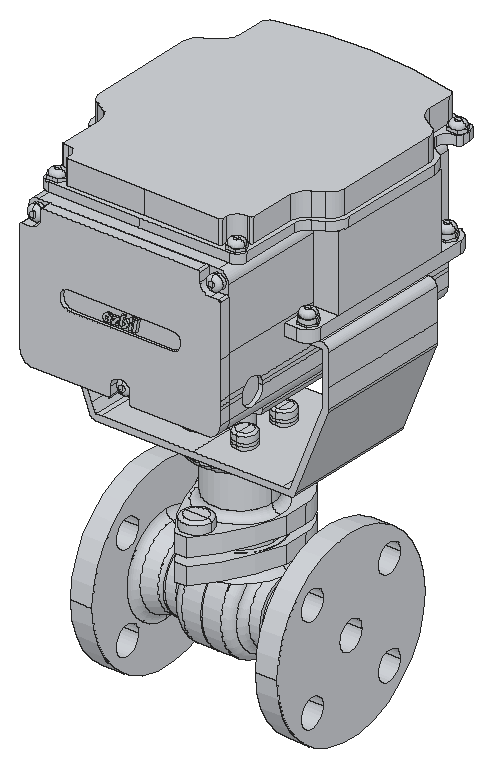
Revit family "電動二方弁_ver2021(ロゴあり)", category 電気設備, Revit 2021
Family settings
  丸型コネクタ寸法 = 直径を使用
  パーツ タイプ = 他のパネル
  OmniClass 番号 = 23.80.30.11.17
  OmniClass タイトル = Distribution Boards and Control Panels
  作業面ベース = いいえ
  常に垂直 = はい
  ロード時にボイドで切り取り = いいえ
  共有 = いいえ
  部屋計算ポイント = いいえ
Parameters
  配線φ(左側) [instance] = 14.031 mm
  配線φ(右側) [instance] = 14.031 mm
  配管φ [instance] = 95 mm
  配管2φ [instance] = 95 mm
  既定の高さ = 0 mm
  IfcObjectType = ""
  IfcName = ""
  IfcLongName = ""
  IfcExportType = ""
  IfcExportAs = ""
  IfcDescription = ""
Reference planes
  plane 1 "中心(正面/背面)": y = 0
  plane 2: z = 0
  plane 3 "中心(左/右)": x = 0
Forms (mm)
  Extrusion 1, solid
    sketch origin (0, 0, -77.064) x (0, 1, 0) y (0, 0, 1)
      loop
        circle (0, 124.5) r 47.5
    from 45.882 to 56.882
  Extrusion 2, void
    sketch origin (0, 0, -77) x (0, 1, 0) y (0, 0, 1)
      loop
        circle (-24.749, 149.249) r 7.5
    from 45.882 to 56.882
  Extrusion 3, void
    sketch origin (0, 49.497, -77) x (0, 1, 0) y (0, 0, 1)
      loop
        circle (-24.749, 149.249) r 7.5
    from 45.882 to 56.882
  Extrusion 4, void
    sketch origin (0, 0, -126.498) x (0, 1, 0) y (0, 0, 1)
      loop
        circle (-24.749, 149.249) r 7.5
    from 45.882 to 56.882
  Extrusion 5, void
    sketch origin (0, 49.497, -126.498) x (0, 1, 0) y (0, 0, 1)
      loop
        circle (-24.749, 149.249) r 7.5
    from 45.882 to 56.882
  Extrusion 6, void
    sketch origin (0, 24.749, -101.749) x (0, 1, 0) y (0, 0, 1)
      loop
        circle (-24.749, 149.249) r 7.5
    from 45.882 to 56.882
  Extrusion 7, solid
    sketch origin (-95, 0, -77.064) x (0, 1, 0) y (0, 0, 1)
      loop
        circle (0, 124.5) r 47.5
    from 45.882 to 56.882
  Extrusion 8, void
    sketch origin (-95, 0, -77) x (0, 1, 0) y (0, 0, 1)
      loop
        circle (-24.749, 149.249) r 7.5
    from 45.882 to 56.882
  Extrusion 9, solid
    sketch origin (0.118, 0, 0) x (1, 0, 0) y (0, 0, 1)
      loop
        line (-51.618, 196.3) -> (-51.618, 199.5) -> (-66.618, 199.5)
        arc (-66.618, 199.5) -> (-69.235, 198.416) -> (-70.318, 195.8) r 3.7
        line (-70.318, 195.8) -> (-70.318, 179.5) -> (-70.318, 169.594)
        arc (-70.318, 169.594) -> (-70.255, 168.913) -> (-70.068, 168.255) r 3.7
        line (-70.068, 168.255) -> (-53.226, 124.861)
        arc (-53.226, 124.861) -> (-51.866, 123.147) -> (-49.776, 122.5) r 3.7
        line (-49.776, 122.5) -> (49.539, 122.5)
        arc (49.539, 122.5) -> (51.629, 123.147) -> (52.989, 124.861) r 3.7
        line (52.989, 124.861) -> (69.831, 168.255)
        arc (69.831, 168.255) -> (70.018, 168.913) -> (70.082, 169.594) r 3.7
        line (70.082, 169.594) -> (70.082, 179.5) -> (70.082, 195.8)
        arc (70.082, 195.8) -> (68.998, 198.416) -> (66.382, 199.5) r 3.7
        line (66.382, 199.5) -> (51.182, 199.5) -> (51.182, 196.3) -> (66.382, 196.3)
        arc (66.382, 196.3) -> (66.735, 196.154) -> (66.882, 195.8) r 0.5
        line (66.882, 195.8) -> (66.882, 169.5) -> (64.355, 162.99) -> (49.882, 125.7) -> (46.449, 125.7) -> (-0.118, 125.7) -> (-46.686, 125.7) -> (-50.118, 125.7) -> (-51.928, 130.361) -> (-64.592, 162.99) -> (-67.118, 169.5) -> (-67.118, 195.8)
        arc (-67.118, 195.8) -> (-66.972, 196.154) -> (-66.618, 196.3) r 0.5
        line (-66.618, 196.3) -> (-51.618, 196.3)
    from -38.424 to 30.5
  Extrusion 10, solid
    sketch origin (0, -461.789, 0) x (1, 0, 0) y (0, 1, 0)
      loop
        arc (0, 545.194) -> (-22.618, 543.895) -> (-44.938, 540.014) r 197.5
        arc (-44.938, 540.014) -> (-47.717, 538.253) -> (-48.8, 535.145) r 5
        line (-48.8, 535.145) -> (-48.8, 522.279)
        arc (-48.8, 522.279) -> (-50.006, 517.779) -> (-53.3, 514.485) r 9
        line (-53.3, 514.485) -> (-58.8, 511.309)
        arc (-58.8, 511.309) -> (-61.728, 508.381) -> (-62.8, 504.381) r 8
        line (-62.8, 504.381) -> (-62.8, 450.408)
        arc (-62.8, 450.408) -> (-61.728, 446.408) -> (-58.8, 443.479) r 8
        line (-58.8, 443.479) -> (-53.3, 440.304)
        arc (-53.3, 440.304) -> (-50.006, 437.01) -> (-48.8, 432.51) r 9
        line (-48.8, 432.51) -> (-48.8, 409.394)
        arc (-48.8, 409.394) -> (-48.507, 408.687) -> (-47.8, 408.394) r 1
        line (-47.8, 408.394) -> (-46, 408.394)
        arc (-46, 408.394) -> (-41.757, 406.637) -> (-40, 402.394) r 6
        line (-40, 402.394) -> (-40, 400.594)
        arc (-40, 400.594) -> (-39.707, 399.887) -> (-39, 399.594) r 1
        line (-39, 399.594) -> (0, 399.594) -> (39, 399.594)
        arc (39, 399.594) -> (39.707, 399.887) -> (40, 400.594) r 1
        line (40, 400.594) -> (40, 402.394)
        arc (40, 402.394) -> (41.757, 406.637) -> (46, 408.394) r 6
        line (46, 408.394) -> (47.8, 408.394)
        arc (47.8, 408.394) -> (48.507, 408.687) -> (48.8, 409.394) r 1
        line (48.8, 409.394) -> (48.8, 432.51)
        arc (48.8, 432.51) -> (50.006, 437.01) -> (53.3, 440.304) r 9
        line (53.3, 440.304) -> (58.8, 443.479)
        arc (58.8, 443.479) -> (61.728, 446.408) -> (62.8, 450.408) r 8
        line (62.8, 450.408) -> (62.8, 504.381)
        arc (62.8, 504.381) -> (61.728, 508.381) -> (58.8, 511.309) r 8
        line (58.8, 511.309) -> (53.3, 514.485)
        arc (53.3, 514.485) -> (50.006, 517.779) -> (48.8, 522.279) r 9
        line (48.8, 522.279) -> (48.8, 535.145)
        arc (48.8, 535.145) -> (47.717, 538.253) -> (44.938, 540.014) r 5
        arc (44.938, 540.014) -> (22.618, 543.895) -> (0, 545.194) r 197.5
    from 248.5 to 260.5
  Extrusion 11, solid
    sketch origin (0, -461.789, 0) x (1, 0, 0) y (0, 1, 0)
      loop
        arc (0, 547.894) -> (-28.126, 545.907) -> (-55.692, 539.984) r 200
        arc (-55.692, 539.984) -> (-58.298, 538.185) -> (-59.3, 535.182) r 5
        line (-59.3, 535.182) -> (-59.3, 531.092)
        arc (-59.3, 531.092) -> (-58.732, 529.695) -> (-57.35, 529.092) r 2
        arc (-57.35, 529.092) -> (-53.205, 527.284) -> (-51.5, 523.094) r 6
        line (-51.5, 523.094) -> (-51.5, 522.106)
        arc (-51.5, 522.106) -> (-52.304, 519.106) -> (-54.5, 516.909) r 6
        line (-54.5, 516.909) -> (-60.5, 513.445)
        arc (-60.5, 513.445) -> (-64.16, 509.785) -> (-65.5, 504.785) r 10
        line (-65.5, 504.785) -> (-65.5, 450.003)
        arc (-65.5, 450.003) -> (-64.16, 445.003) -> (-60.5, 441.343) r 10
        line (-60.5, 441.343) -> (-55, 438.168)
        arc (-55, 438.168) -> (-52.438, 435.606) -> (-51.5, 432.106) r 7
        line (-51.5, 432.106) -> (-51.5, 401.894)
        arc (-51.5, 401.894) -> (-50.036, 398.359) -> (-46.5, 396.894) r 5
        line (-46.5, 396.894) -> (0, 396.894) -> (46.5, 396.894)
        arc (46.5, 396.894) -> (50.036, 398.359) -> (51.5, 401.894) r 5
        line (51.5, 401.894) -> (51.5, 432.106)
        arc (51.5, 432.106) -> (52.438, 435.606) -> (55, 438.168) r 7
        line (55, 438.168) -> (60.5, 441.343)
        arc (60.5, 441.343) -> (64.16, 445.003) -> (65.5, 450.003) r 10
        line (65.5, 450.003) -> (65.5, 504.785)
        arc (65.5, 504.785) -> (64.16, 509.785) -> (60.5, 513.445) r 10
        line (60.5, 513.445) -> (54.5, 516.909)
        arc (54.5, 516.909) -> (52.304, 519.106) -> (51.5, 522.106) r 6
        line (51.5, 522.106) -> (51.5, 523.094)
        arc (51.5, 523.094) -> (53.205, 527.284) -> (57.35, 529.092) r 6
        arc (57.35, 529.092) -> (58.732, 529.695) -> (59.3, 531.092) r 2
        line (59.3, 531.092) -> (59.3, 535.182)
        arc (59.3, 535.182) -> (58.298, 538.185) -> (55.692, 539.984) r 5
        arc (55.692, 539.984) -> (28.126, 545.907) -> (0, 547.894) r 200
    from 244 to 248.5
  Extrusion 12, solid
    sketch origin (0, -461.789, 0) x (1, 0, 0) y (0, 1, 0)
      loop
        circle (-58, 432.394) r 4.25
    from 206.5 to 208.5
  Extrusion 13, solid
    sketch origin (0, -461.789, 0) x (1, 0, 0) y (0, 1, 0)
      loop
        line (-60.454, 436.644) -> (-62.907, 432.394) -> (-60.454, 428.144) -> (-55.546, 428.144) -> (-53.093, 432.394) -> (-55.546, 436.644) -> (-58, 436.644) -> (-60.454, 436.644)
    from 205.5 to 206.5
  Revolve 14, solid, detail levels fine
    sketch origin (91.963, -59.403, 0) x (1, 0, 0) y (0, 0, 1)
      loop
        arc (-47.868, 252.7) -> (-49.481, 251.883) -> (-49.776, 250.1) r 2
        line (-49.776, 250.1) -> (-46.118, 250.1) -> (-46.118, 252.7) -> (-47.868, 252.7)
      axis (-46.118, 252.7) -> (-46.118, 250.1)
    angle from 0 to 360
  Revolve 15, solid
    sketch origin (-0.037, -59.403, 0) x (1, 0, 0) y (0, 0, 1)
      loop
        arc (-47.868, 252.7) -> (-49.481, 251.883) -> (-49.776, 250.1) r 2
        line (-49.776, 250.1) -> (-46.118, 250.1) -> (-46.118, 252.7) -> (-47.868, 252.7)
      axis (-46.118, 252.7) -> (-46.118, 250.1)
    angle from 0 to 360
  Extrusion 16, solid
    sketch origin (0.118, -20, 0) x (1, 0, 0) y (0, 0, 1)
      loop
        line (-46.13, 233.5) -> (-50.618, 233.5)
        arc (-50.618, 233.5) -> (-51.326, 233.207) -> (-51.618, 232.5) r 1
        line (-51.618, 232.5) -> (-51.618, 206.5) -> (-51.618, 187.2) -> (-51.618, 184.874) -> (-51.618, 182.778) -> (-51.618, 176)
        arc (-51.618, 176) -> (-49.568, 171.05) -> (-44.618, 169) r 7
        line (-44.618, 169) -> (-6.118, 169)
        arc (-6.118, 169) -> (-5.411, 169.293) -> (-5.118, 170) r 1
        line (-5.118, 170) -> (-5.118, 174.5)
        arc (-5.118, 174.5) -> (-3.654, 178.036) -> (-0.118, 179.5) r 5
        arc (-0.118, 179.5) -> (3.417, 178.036) -> (4.882, 174.5) r 5
        line (4.882, 174.5) -> (4.882, 170)
        arc (4.882, 170) -> (5.174, 169.293) -> (5.882, 169) r 1
        line (5.882, 169) -> (44.382, 169)
        arc (44.382, 169) -> (49.331, 171.05) -> (51.382, 176) r 7
        line (51.382, 176) -> (51.382, 182.778) -> (51.382, 184.874) -> (51.382, 187.2) -> (51.382, 206.5) -> (51.382, 232.5)
        arc (51.382, 232.5) -> (51.089, 233.207) -> (50.382, 233.5) r 1
        line (50.382, 233.5) -> (45.893, 233.5)
        arc (45.893, 233.5) -> (42.358, 234.965) -> (40.893, 238.5) r 5
        line (40.893, 238.5) -> (40.893, 243)
        arc (40.893, 243) -> (40.601, 243.707) -> (39.893, 244) r 1
        line (39.893, 244) -> (-40.13, 244)
        arc (-40.13, 244) -> (-40.838, 243.707) -> (-41.13, 243) r 1
        line (-41.13, 243) -> (-41.13, 238.5)
        arc (-41.13, 238.5) -> (-42.595, 234.965) -> (-46.13, 233.5) r 5
    from 51.5 to 57
  Extrusion 17, solid
    sketch origin (0, 0, 0) x (1, 0, 0) y (0, 0, 1)
      loop
        line (-13.607, 161) -> (-13.607, 139.5) -> (-0.118, 139.5) -> (13.607, 139.5) -> (13.607, 161) -> (-0.118, 161) -> (-13.607, 161)
    from -13.607 to 13.607
  Revolve 18, solid
    sketch origin (0, 0, 0) x (0, 1, 0) y (0, 0, 1)
      loop
        line (-6, 137.956) -> (-6.5, 137.09) -> (-6.5, 125.7) -> (0, 125.7) -> (0, 137.956) -> (-6, 137.956)
      axis (0, 137.956) -> (0, 125.7)
    angle from 0 to 360
  Revolve 19, solid
    sketch origin (-12.5, 0, 0) x (0, 1, 0) y (0, 0, 1)
      loop
        arc (-16.752, 132.9) -> (-17.541, 132.594) -> (-18.025, 131.9) r 1.452
        line (-18.025, 131.9) -> (-18.025, 128.9) -> (-12.5, 128.9) -> (-12.5, 132.9) -> (-16.752, 132.9)
      axis (-12.5, 132.9) -> (-12.5, 128.9)
    angle from 0 to 360
  Extrusion 20, solid, detail levels fine
    sketch origin (103.688, -491.798, 0) x (1, 0, 0) y (0, 1, 0)
      loop
        line (-60.731, 436.165) -> (-62.907, 432.394) -> (-60.775, 428.7) -> (-55.225, 428.7) -> (-53.093, 432.394) -> (-55.269, 436.165) -> (-58, 436.165) -> (-60.731, 436.165)
    from 248.5 to 250.1
  Extrusion 21, solid
    sketch origin (11.688, -491.798, 0) x (1, 0, 0) y (0, 1, 0)
      loop
        line (-60.731, 436.165) -> (-62.907, 432.394) -> (-60.775, 428.7) -> (-55.225, 428.7) -> (-53.093, 432.394) -> (-55.269, 436.165) -> (-58, 436.165) -> (-60.731, 436.165)
    from 248.5 to 250.1
  Extrusion 22, solid
    sketch origin (0, 0, 0) x (1, 0, 0) y (0, 0, 1)
      loop
        arc (51.382, 238.7) -> (49.829, 242.448) -> (46.082, 244) r 5.3
        line (46.082, 244) -> (-46.318, 244)
        arc (-46.318, 244) -> (-50.066, 242.448) -> (-51.618, 238.7) r 5.3
        line (-51.618, 238.7) -> (-51.618, 206.5) -> (-51.618, 187.2) -> (-51.618, 184.874) -> (-51.618, 182.778) -> (-51.618, 176)
        arc (-51.618, 176) -> (-49.568, 171.05) -> (-44.618, 169) r 7
        line (-44.618, 169) -> (-0.118, 169) -> (44.382, 169)
        arc (44.382, 169) -> (49.331, 171.05) -> (51.382, 176) r 7
        line (51.382, 176) -> (51.382, 182.778) -> (51.382, 184.874) -> (51.382, 187.2) -> (51.382, 206.5) -> (51.382, 238.7)
    from -69.008 to 71.5
  Extrusion 23, solid, detail levels medium+fine
    sketch origin (0, 0, 0) x (1, 0, 0) y (0, 0, 1)
      loop
        arc (-56.98, 162.726) -> (-58.567, 164.386) -> (-60.863, 164.437) r 3
        line (-60.863, 164.437) -> (-64.592, 162.99) -> (-51.928, 130.361) -> (-48.199, 131.809)
        arc (-48.199, 131.809) -> (-46.539, 133.395) -> (-46.487, 135.691) r 3
        line (-46.487, 135.691) -> (-56.98, 162.726)
    from -4.258 to 4.152
  Revolve 24, solid
    sketch origin (0, 0, 0) x (1, 0, 0) y (0, 0, 1)
      loop
        line (-27.754, 65.728) -> (-34.829, 68.303)
        arc (-34.829, 68.303) -> (-37.214, 70.133) -> (-38.118, 73.001) r 5
        line (-38.118, 73.001) -> (-38.118, 47.5) -> (-24.643, 47.5) -> (-24.643, 65.897)
        arc (-24.643, 65.897) -> (-26.18, 65.505) -> (-27.754, 65.728) r 4
      axis (-38.118, 47.5) -> (-24.643, 47.5)
    angle from 0 to 360
  Revolve 25, solid
    sketch origin (0, 0, 0) x (1, 0, 0) y (0, 0, 1)
      loop
        line (45.882, 47.5) -> (24.643, 47.5) -> (24.643, 30.5) -> (31.652, 30.5) -> (38.006, 30.5)
        arc (38.006, 30.5) -> (40.717, 30.126) -> (43.224, 29.03) r 10
        arc (43.224, 29.03) -> (45.166, 27.191) -> (45.882, 24.613) r 5
        line (45.882, 24.613) -> (45.882, 47.5)
      axis (24.643, 47.5) -> (45.882, 47.5)
    angle from 0 to 360
  Revolve 26, solid
    sketch origin (0, 0, 0) x (1, 0, 0) y (0, 0, 1)
      loop
        line (-24.643, 47.5) -> (-24.643, 29.5) -> (-18.893, 29.5)
        arc (-18.893, 29.5) -> (-16.399, 28.627) -> (-14.994, 26.389) r 4
        arc (-14.994, 26.389) -> (-13.237, 23.591) -> (-10.118, 22.5) r 5
        line (-10.118, 22.5) -> (0, 22.5) -> (0, 47.5) -> (-24.643, 47.5)
      axis (0, 47.5) -> (-24.643, 47.5)
    angle from 0 to 360
  Revolve 27, solid
    sketch origin (0, 0, 0) x (-1, 0, 0) y (0, 0, 1)
      loop
        line (-24.643, 47.5) -> (-24.643, 29.5) -> (-18.893, 29.5)
        arc (-18.893, 29.5) -> (-16.399, 28.627) -> (-14.994, 26.389) r 4
        arc (-14.994, 26.389) -> (-13.237, 23.591) -> (-10.118, 22.5) r 5
        line (-10.118, 22.5) -> (0, 22.5) -> (0, 47.5) -> (-24.643, 47.5)
      axis (0, 47.5) -> (-24.643, 47.5)
    angle from 0 to 360
  Revolve 28, solid
    sketch origin (-12.5, 0, 0) x (0, 1, 0) y (0, 0, 1)
      loop
        line (-18.025, 128.9) -> (-18.025, 127.3) -> (-18.025, 125.7) -> (-12.5, 125.7) -> (-12.5, 128.9) -> (-18.025, 128.9)
      axis (-12.5, 128.9) -> (-12.5, 125.7)
    angle from 0 to 360
  Revolve 29, solid
    sketch origin (-12.5, 25, 0) x (0, 1, 0) y (0, 0, 1)
      loop
        arc (-16.752, 132.9) -> (-17.541, 132.594) -> (-18.025, 131.9) r 1.452
        line (-18.025, 131.9) -> (-18.025, 128.9) -> (-12.5, 128.9) -> (-12.5, 132.9) -> (-16.752, 132.9)
      axis (-12.5, 132.9) -> (-12.5, 128.9)
    angle from 0 to 360
  Revolve 30, solid
    sketch origin (-12.5, 25, 0) x (0, 1, 0) y (0, 0, 1)
      loop
        line (-18.025, 128.9) -> (-18.025, 127.3) -> (-18.025, 125.7) -> (-12.5, 125.7) -> (-12.5, 128.9) -> (-18.025, 128.9)
      axis (-12.5, 128.9) -> (-12.5, 125.7)
    angle from 0 to 360
  Revolve 31, solid
    sketch origin (12.5, 0, 0) x (0, 1, 0) y (0, 0, 1)
      loop
        arc (-16.752, 132.9) -> (-17.541, 132.594) -> (-18.025, 131.9) r 1.452
        line (-18.025, 131.9) -> (-18.025, 128.9) -> (-12.5, 128.9) -> (-12.5, 132.9) -> (-16.752, 132.9)
      axis (-12.5, 132.9) -> (-12.5, 128.9)
    angle from 0 to 360
  Revolve 32, solid
    sketch origin (12.5, 0, 0) x (0, 1, 0) y (0, 0, 1)
      loop
        line (-18.025, 128.9) -> (-18.025, 127.3) -> (-18.025, 125.7) -> (-12.5, 125.7) -> (-12.5, 128.9) -> (-18.025, 128.9)
      axis (-12.5, 128.9) -> (-12.5, 125.7)
    angle from 0 to 360
  Revolve 33, solid
    sketch origin (12.5, 25, 0) x (0, 1, 0) y (0, 0, 1)
      loop
        arc (-16.752, 132.9) -> (-17.541, 132.594) -> (-18.025, 131.9) r 1.452
        line (-18.025, 131.9) -> (-18.025, 128.9) -> (-12.5, 128.9) -> (-12.5, 132.9) -> (-16.752, 132.9)
      axis (-12.5, 132.9) -> (-12.5, 128.9)
    angle from 0 to 360
  Revolve 34, solid
    sketch origin (12.5, 25, 0) x (0, 1, 0) y (0, 0, 1)
      loop
        line (-18.025, 128.9) -> (-18.025, 127.3) -> (-18.025, 125.7) -> (-12.5, 125.7) -> (-12.5, 128.9) -> (-18.025, 128.9)
      axis (-12.5, 128.9) -> (-12.5, 125.7)
    angle from 0 to 360
  Revolve 35, solid
    sketch origin (0, 0, 0) x (1, 0, 0) y (0, 0, 1)
      loop
        line (-4.75, 139.5) -> (-4.75, 137.956) -> (0, 137.956) -> (0, 139.5) -> (-4.75, 139.5)
      axis (0, 139.5) -> (0, 137.956)
    angle from 0 to 360
  Revolve 36, solid
    sketch origin (0, 0, 0) x (1, 0, 0) y (0, 0, 1)
      loop
        line (0, 77) -> (-20, 77) -> (-20, 73.103)
        arc (-20, 73.103) -> (-21.527, 68.402) -> (-25.524, 65.495) r 8
        line (-25.524, 65.495) -> (-18.847, 65.495)
        arc (-18.847, 65.495) -> (-16.351, 66.373) -> (-14.953, 68.62) r 3.988
        arc (-14.953, 68.62) -> (-13.31, 71.404) -> (-10.268, 72.5) r 4.769
        line (-10.268, 72.5) -> (0, 72.5) -> (0, 77)
      axis (0, 77) -> (0, 65.495)
    angle from 0 to 360
  Extrusion 37, solid
    sketch origin (0, 0, 0) x (1, 0, 0) y (0, 0, 1)
      loop
        line (-47, 169.152) -> (-47, 167.5)
        arc (-47, 167.5) -> (-46.121, 165.379) -> (-44, 164.5) r 3
        line (-44, 164.5) -> (44, 164.5)
        arc (44, 164.5) -> (46.121, 165.379) -> (47, 167.5) r 3
        line (47, 167.5) -> (47, 169.462)
        arc (47, 169.462) -> (45.784, 169.119) -> (44.525, 169) r 7
        line (44.525, 169) -> (-42.442, 169)
        arc (-42.442, 169) -> (-44.734, 168.695) -> (-47, 169.152) r 7
    from -44 to 44
  Revolve 38, solid
    sketch origin (0, -28, 0) x (1, 0, 0) y (0, 0, 1)
      loop
        line (0, 95.717) -> (-5.688, 95.717)
        arc (-5.688, 95.717) -> (-6.779, 95.427) -> (-7.583, 94.633) r 2.201
        line (-7.583, 94.633) -> (-7.583, 90.3) -> (0, 90.3) -> (0, 95.717)
      axis (0, 95.717) -> (0, 90.3)
    angle from 0 to 360
  Revolve 39, solid
    sketch origin (0, 0, 0) x (1, 0, 0) y (0, 0, 1)
      loop
        arc (-18.5, 115.3) -> (-17.086, 114.714) -> (-16.5, 113.3) r 2
        line (-16.5, 113.3) -> (-16.5, 94.3)
        arc (-16.5, 94.3) -> (-17.672, 91.472) -> (-20.5, 90.3) r 4
        line (-20.5, 90.3) -> (0, 90.3) -> (0, 115.3) -> (-18.5, 115.3)
      axis (0, 90.3) -> (0, 115.3)
    angle from 0 to 360
  Revolve 40, solid, detail levels fine
    sketch origin (0, 0, 0) x (1, 0, 0) y (0, 0, 1)
      loop
        line (-4, 81.3) -> (-4, 77) -> (0, 77) -> (0, 81.3) -> (-4, 81.3)
      axis (0, 77) -> (0, 81.3)
    angle from 0 to 360
  Extrusion 41, solid
    sketch origin (0, -461.789, 210) x (1, 0, 0) y (0, 1, 0)
      loop
        line (65, 432.394) -> (65, 522.394)
        arc (65, 522.394) -> (63.715, 526.436) -> (60.333, 528.994) r 7
        arc (60.333, 528.994) -> (59.578, 529.473) -> (59.107, 530.234) r 2
        arc (59.107, 530.234) -> (58.39, 529.415) -> (57.35, 529.092) r 2
        arc (57.35, 529.092) -> (53.205, 527.284) -> (51.5, 523.094) r 6
        line (51.5, 523.094) -> (51.5, 425.394) -> (58, 425.394)
        arc (58, 425.394) -> (62.95, 427.445) -> (65, 432.394) r 7
    from -10.5 to -4.5
  Extrusion 42, solid
    sketch origin (0, -461.789, 210) x (-1, 0, 0) y (0, -1, 0)
      loop
        arc (65, -432.394) -> (62.95, -427.445) -> (58, -425.394) r 7
        line (58, -425.394) -> (51.5, -425.394) -> (51.5, -523.094)
        arc (51.5, -523.094) -> (53.205, -527.284) -> (57.35, -529.092) r 6
        arc (57.35, -529.092) -> (58.39, -529.415) -> (59.107, -530.234) r 2
        arc (59.107, -530.234) -> (59.578, -529.473) -> (60.333, -528.994) r 2
        arc (60.333, -528.994) -> (63.715, -526.436) -> (65, -522.394) r 7
        line (65, -522.394) -> (65, -432.394)
    from -10.5 to -4.5
  Extrusion 43, solid, detail levels medium+fine
    sketch origin (0, 0, 0) x (-1, 0, 0) y (0, 0, -1)
      loop
        line (-56.98, -162.726) -> (-46.487, -135.691)
        arc (-46.487, -135.691) -> (-46.539, -133.395) -> (-48.199, -131.809) r 3
        line (-48.199, -131.809) -> (-51.928, -130.361) -> (-64.592, -162.99) -> (-60.863, -164.437)
        arc (-60.863, -164.437) -> (-58.567, -164.386) -> (-56.98, -162.726) r 3
    from -4.258 to 4.152
  Extrusion 44, solid
    sketch origin (0, 0, 0) x (1, 0, 0) y (0, 0, 1)
      loop
        line (-28.5, 161) -> (28.5, 161) -> (28.5, 161.788) -> (-28.5, 161.788) -> (-28.5, 161)
    from -28.5 to 28.511
  Revolve 45, solid
    sketch origin (0, -30, 0) x (1, 0, 0) y (0, 0, 1)
      loop
        line (-60.5, 199.5) -> (-60.5, 197.236) -> (-58.25, 197.236) -> (-58.25, 199.5) -> (-60.5, 199.5)
      axis (-58.25, 199.5) -> (-58.25, 197.236)
    angle from 0 to 360
  Revolve 46, solid
    sketch origin (0, 60, 0) x (1, 0, 0) y (0, 0, 1)
      loop
        line (-60.5, 199.5) -> (-60.5, 197.236) -> (-58.25, 197.236) -> (-58.25, 199.5) -> (-60.5, 199.5)
      axis (-58.25, 199.5) -> (-58.25, 197.236)
    angle from 0 to 360
  Revolve 47, solid
    sketch origin (116.875, -30, 0) x (1, 0, 0) y (0, 0, 1)
      loop
        line (-60.5, 199.5) -> (-60.5, 197.236) -> (-58.25, 197.236) -> (-58.25, 199.5) -> (-60.5, 199.5)
      axis (-58.25, 199.5) -> (-58.25, 197.236)
    angle from 0 to 360
  Revolve 48, solid
    sketch origin (116.875, 60, 0) x (1, 0, 0) y (0, 0, 1)
      loop
        line (-60.5, 199.5) -> (-60.5, 197.236) -> (-58.25, 197.236) -> (-58.25, 199.5) -> (-60.5, 199.5)
      axis (-58.25, 199.5) -> (-58.25, 197.236)
    angle from 0 to 360
  Extrusion 49, solid
    sketch origin (-364.746, -162.773, 80.3) x (1, 0, 0) y (0, 1, 0)
      loop
        arc (341.746, 163.987) -> (349.545, 143.272) -> (361.7, 124.773) r 100.225
        line (361.7, 124.773) -> (367.792, 124.773)
        arc (367.792, 124.773) -> (379.948, 143.272) -> (387.746, 163.987) r 100.225
        line (387.746, 163.987) -> (387.746, 176.305)
        arc (387.746, 176.305) -> (383.257, 189.309) -> (371.7, 196.773) r 21.077
        line (371.7, 196.773) -> (357.792, 196.773)
        arc (357.792, 196.773) -> (346.236, 189.309) -> (341.746, 176.305) r 21.077
        line (341.746, 176.305) -> (341.746, 163.987)
    from 1 to 10
  Revolve 50, solid
    sketch origin (0, 0, 0) x (1, 0, 0) y (0, 0, 1)
      loop
        line (-25, 122.5) -> (-25, 117.3)
        arc (-25, 117.3) -> (-24.414, 115.886) -> (-23, 115.3) r 2
        line (-23, 115.3) -> (0, 115.3) -> (0, 122.5) -> (-25, 122.5)
      axis (0, 115.3) -> (0, 122.5)
    angle from 0 to 360
  Extrusion 51, solid
    sketch origin (-364.746, -162.773, 67) x (1, 0, 0) y (0, 1, 0)
      loop
        arc (341.746, 163.987) -> (349.545, 143.272) -> (361.7, 124.773) r 100.225
        line (361.7, 124.773) -> (367.792, 124.773)
        arc (367.792, 124.773) -> (379.948, 143.272) -> (387.746, 163.987) r 100.225
        line (387.746, 163.987) -> (387.746, 176.305)
        arc (387.746, 176.305) -> (383.257, 189.309) -> (371.7, 196.773) r 21.077
        line (371.7, 196.773) -> (357.792, 196.773)
        arc (357.792, 196.773) -> (346.236, 189.309) -> (341.746, 176.305) r 21.077
        line (341.746, 176.305) -> (341.746, 163.987)
    from 1 to 10
  Revolve 52, solid, detail levels medium+fine
    sketch origin (-13.227, 0, 0) x (1, 0, 0) y (0, 0, 1)
      loop
        line (-4.273, 81.3) -> (-4.273, 77) -> (13.227, 77) -> (13.227, 81.3) -> (-4.273, 81.3)
      axis (13.227, 77) -> (13.227, 81.3)
    angle from 0 to 360
  Extrusion 53, void
    sketch origin (-95, 49.497, -77) x (0, 1, 0) y (0, 0, 1)
      loop
        circle (-24.749, 149.249) r 7.5
    from 45.882 to 56.882
  Extrusion 54, void
    sketch origin (-95, 49.497, -126.498) x (0, 1, 0) y (0, 0, 1)
      loop
        circle (-24.749, 149.249) r 7.5
    from 45.882 to 56.882
  Extrusion 55, void
    sketch origin (0, 0, -126.498) x (0, 1, 0) y (0, 0, 1)
      loop
        circle (-24.749, 149.249) r 7.5
    from 45.882 to 56.882
  Extrusion 56, void
    sketch origin (-95, 0, -126.498) x (0, 1, 0) y (0, 0, 1)
      loop
        circle (-24.749, 149.249) r 7.5
    from 45.882 to 56.882
  Extrusion 57, void
    sketch origin (-95, 24.749, -101.749) x (0, 1, 0) y (0, 0, 1)
      loop
        circle (-24.749, 149.249) r 7.5
    from 45.882 to 56.882
  Revolve 58, solid
    sketch origin (-46.056, 5.5, 0) x (0, 1, 0) y (0, 0, 1)
      loop
        arc (-78.6, 242.158) -> (-80.383, 241.863) -> (-81.2, 240.25) r 2
        line (-81.2, 240.25) -> (-81.2, 238.5) -> (-78.6, 238.5) -> (-78.6, 242.158)
      axis (-78.6, 238.5) -> (-81.2, 238.5)
    angle from 0 to 360
  Revolve 59, solid
    sketch origin (-46.014, 5.5, 0) x (0, 1, 0) y (0, 0, 1)
      loop
        line (-78.6, 242.25) -> (-78.6, 238.5) -> (-77, 238.5) -> (-77, 242.25) -> (-78.6, 242.25)
      axis (-78.6, 238.5) -> (-77, 238.5)
    angle from 0 to 360
  Revolve 60, solid
    sketch origin (45.944, 5.5, 0) x (0, 1, 0) y (0, 0, 1)
      loop
        arc (-78.6, 242.158) -> (-80.383, 241.863) -> (-81.2, 240.25) r 2
        line (-81.2, 240.25) -> (-81.2, 238.5) -> (-78.6, 238.5) -> (-78.6, 242.158)
      axis (-78.6, 238.5) -> (-81.2, 238.5)
    angle from 0 to 360
  Revolve 61, solid
    sketch origin (45.986, 5.5, 0) x (0, 1, 0) y (0, 0, 1)
      loop
        line (-78.6, 242.25) -> (-78.6, 238.5) -> (-77, 238.5) -> (-77, 242.25) -> (-78.6, 242.25)
      axis (-78.6, 238.5) -> (-77, 238.5)
    angle from 0 to 360
  Revolve 62, solid
    sketch origin (-0.056, 5.5, -64) x (0, 1, 0) y (0, 0, 1)
      loop
        arc (-78.6, 242.158) -> (-80.383, 241.863) -> (-81.2, 240.25) r 2
        line (-81.2, 240.25) -> (-81.2, 238.5) -> (-78.6, 238.5) -> (-78.6, 242.158)
      axis (-78.6, 238.5) -> (-81.2, 238.5)
    angle from 0 to 360
  Revolve 63, solid
    sketch origin (-0.014, 5.5, -64) x (0, 1, 0) y (0, 0, 1)
      loop
        line (-78.6, 242.25) -> (-78.6, 238.5) -> (-77, 238.5) -> (-77, 242.25) -> (-78.6, 242.25)
      axis (-78.6, 238.5) -> (-77, 238.5)
    angle from 0 to 360
  Extrusion 64, solid
    sketch origin (0, 0, 0) x (1, 0, 0) y (0, 0, 1)
      loop
        line (-65, 244) -> (-65, 205.5) -> (-51.618, 205.5) -> (-51.618, 238.7)
        arc (-51.618, 238.7) -> (-50.066, 242.448) -> (-46.318, 244) r 5.3
        line (-46.318, 244) -> (-65, 244)
    from -47.676 to 17.676
  Extrusion 65, solid
    sketch origin (0, 0, 0) x (-1, 0, 0) y (0, 0, -1)
      loop
        line (-65, -244) -> (-46.318, -244)
        arc (-46.318, -244) -> (-50.066, -242.448) -> (-51.618, -238.7) r 5.3
        line (-51.618, -238.7) -> (-51.618, -205.5) -> (-65, -205.5) -> (-65, -244)
    from -47.676 to 17.676
  Extrusion 66, solid
    sketch origin (0, -80.547, 0) x (1, 0, 0) y (0, 0, 1)
      loop
        line (2.028, 209.479) -> (0.657, 209.479) -> (-0.164, 205.244)
        arc (-0.164, 205.244) -> (-0.148, 204.505) -> (0.171, 203.837) r 1.754
        arc (0.171, 203.837) -> (1.022, 203.478) -> (1.944, 203.525) r 2.069
        arc (1.944, 203.525) -> (3.516, 204.557) -> (4.213, 206.303) r 3.13
        arc (4.213, 206.303) -> (3.45, 207.476) -> (2.05, 207.488) r 1.479
        line (2.05, 207.488) -> (1.419, 206.337) -> (2.028, 209.479)
      loop
        line (7.636, 209.479) -> (6.586, 203.521) -> (7.957, 203.521) -> (9.008, 209.479) -> (7.636, 209.479)
      loop
        line (5.782, 203.521) -> (6.389, 206.963)
        arc (6.389, 206.963) -> (5.696, 206.683) -> (4.953, 206.603) r 2.712
        line (4.953, 206.603) -> (4.41, 203.521) -> (5.782, 203.521)
      loop
        line (-4.41, 203.521) -> (-0.981, 203.521) -> (-0.781, 204.656) -> (-2.4, 204.656) -> (-0.508, 206.642) -> (-0.342, 207.493) -> (-3.677, 207.493) -> (-3.877, 206.358) -> (-2.297, 206.358) -> (-4.254, 204.401) -> (-4.41, 203.521)
      loop
        arc (-4.811, 205.09) -> (-4.628, 206.587) -> (-5.775, 207.566) r 1.594
        arc (-5.775, 207.566) -> (-7.883, 206.92) -> (-8.997, 205.017) r 3.033
        arc (-8.997, 205.017) -> (-8.305, 203.731) -> (-6.863, 203.502) r 1.646
        line (-6.863, 203.502) -> (-6.23, 204.656) -> (-6.372, 203.521) -> (-4.978, 203.521)
        arc (-4.978, 203.521) -> (-4.916, 204.308) -> (-4.811, 205.09) r 14.52
      loop
        spline (4.823, 207.767) -> (4.981, 207.669) -> (5.188, 207.637) -> (5.429, 207.673) -> (5.689, 207.775) -> (5.949, 207.936) -> (6.192, 208.146) -> (6.401, 208.389) -> (6.562, 208.649) -> (6.665, 208.909) -> (6.701, 209.15) -> (6.669, 209.357) -> (6.571, 209.514)
        spline (6.571, 209.514) -> (6.413, 209.613) -> (6.206, 209.645) -> (5.965, 209.609) -> (5.705, 209.506) -> (5.445, 209.345) -> (5.202, 209.136) -> (4.993, 208.893) -> (4.831, 208.632) -> (4.729, 208.373) -> (4.693, 208.131) -> (4.725, 207.925) -> (4.823, 207.767)
    from -4.5 to -3.547
  Extrusion 67, void
    sketch origin (0.074, -80.21, 0) x (1, 0, 0) y (0, 0, 1)
      loop
        spline (-7.641, 204.685) -> (-7.501, 204.603) -> (-7.315, 204.582) -> (-7.094, 204.626) -> (-6.854, 204.73) -> (-6.611, 204.887) -> (-6.381, 205.088) -> (-6.181, 205.318) -> (-6.023, 205.561) -> (-5.919, 205.801) -> (-5.875, 206.022) -> (-5.896, 206.208) -> (-5.978, 206.347)
        spline (-5.978, 206.347) -> (-6.117, 206.43) -> (-6.304, 206.45) -> (-6.525, 206.407) -> (-6.765, 206.303) -> (-7.008, 206.145) -> (-7.238, 205.945) -> (-7.438, 205.715) -> (-7.596, 205.472) -> (-7.7, 205.231) -> (-7.743, 205.011) -> (-7.723, 204.824) -> (-7.641, 204.685)
      loop
        spline (1.155, 204.646) -> (1.294, 204.563) -> (1.48, 204.543) -> (1.701, 204.587) -> (1.941, 204.691) -> (2.184, 204.848) -> (2.414, 205.049) -> (2.615, 205.278) -> (2.772, 205.522) -> (2.876, 205.762) -> (2.92, 205.983) -> (2.899, 206.169) -> (2.817, 206.308)
        spline (2.817, 206.308) -> (2.678, 206.391) -> (2.491, 206.411) -> (2.27, 206.368) -> (2.03, 206.264) -> (1.787, 206.106) -> (1.557, 205.906) -> (1.357, 205.676) -> (1.199, 205.433) -> (1.095, 205.192) -> (1.052, 204.972) -> (1.072, 204.785) -> (1.155, 204.646)
    from -4.163 to -2.257
  Extrusion 68, void
    sketch origin (290.159, 0, 0) x (1, 0, 0) y (0, 0, 1)
      loop
        line (-264, 211.5) -> (-316, 211.5)
        arc (-316, 211.5) -> (-321, 206.5) -> (-316, 201.5) r 5
        line (-316, 201.5) -> (-264, 201.5)
        arc (-264, 201.5) -> (-259, 206.5) -> (-264, 211.5) r 5
    from 75.124 to 77
  Revolve 69, solid
    sketch origin (-11.91, -29.395, -41.6) x (1, 0, 0) y (0, 0, 1)
      loop
        arc (-47.868, 253.422) -> (-49.691, 252.245) -> (-49.37, 250.1) r 2
        line (-49.37, 250.1) -> (-46.118, 250.1) -> (-46.118, 253.422) -> (-47.868, 253.422)
      axis (-46.118, 253.422) -> (-46.118, 250.1)
    angle from 0 to 360
  Extrusion 70, solid
    sketch origin (0, -372.414, 0) x (1, 0, 0) y (0, 1, 0)
      loop
        circle (-58, 432.394) r 4.25
    from 206.5 to 208.5
  Extrusion 71, solid
    sketch origin (0, -372.414, 0) x (1, 0, 0) y (0, 1, 0)
      loop
        line (-60.454, 436.644) -> (-62.907, 432.394) -> (-60.454, 428.144) -> (-55.546, 428.144) -> (-53.093, 432.394) -> (-55.546, 436.644) -> (-58, 436.644) -> (-60.454, 436.644)
    from 205.5 to 206.5
  Revolve 72, solid
    sketch origin (-11.91, 59.98, -41.6) x (1, 0, 0) y (0, 0, 1)
      loop
        arc (-47.868, 253.422) -> (-49.691, 252.245) -> (-49.37, 250.1) r 2
        line (-49.37, 250.1) -> (-46.118, 250.1) -> (-46.118, 253.422) -> (-47.868, 253.422)
      axis (-46.118, 253.422) -> (-46.118, 250.1)
    angle from 0 to 360
  Extrusion 73, solid
    sketch origin (116.5, -461.789, 0) x (1, 0, 0) y (0, 1, 0)
      loop
        circle (-58, 432.394) r 4.25
    from 206.5 to 208.5
  Extrusion 74, solid
    sketch origin (116.5, -461.789, 0) x (1, 0, 0) y (0, 1, 0)
      loop
        line (-60.454, 436.644) -> (-62.907, 432.394) -> (-60.454, 428.144) -> (-55.546, 428.144) -> (-53.093, 432.394) -> (-55.546, 436.644) -> (-58, 436.644) -> (-60.454, 436.644)
    from 205.5 to 206.5
  Revolve 75, solid
    sketch origin (104.59, -29.395, -41.6) x (1, 0, 0) y (0, 0, 1)
      loop
        arc (-47.868, 253.422) -> (-49.691, 252.245) -> (-49.37, 250.1) r 2
        line (-49.37, 250.1) -> (-46.118, 250.1) -> (-46.118, 253.422) -> (-47.868, 253.422)
      axis (-46.118, 253.422) -> (-46.118, 250.1)
    angle from 0 to 360
  Extrusion 76, solid
    sketch origin (116.5, -372.414, 0) x (1, 0, 0) y (0, 1, 0)
      loop
        circle (-58, 432.394) r 4.25
    from 206.5 to 208.5
  Extrusion 77, solid
    sketch origin (116.5, -372.414, 0) x (1, 0, 0) y (0, 1, 0)
      loop
        line (-60.454, 436.644) -> (-62.907, 432.394) -> (-60.454, 428.144) -> (-55.546, 428.144) -> (-53.093, 432.394) -> (-55.546, 436.644) -> (-58, 436.644) -> (-60.454, 436.644)
    from 205.5 to 206.5
  Revolve 78, solid
    sketch origin (104.59, 59.98, -41.6) x (1, 0, 0) y (0, 0, 1)
      loop
        arc (-47.868, 253.422) -> (-49.691, 252.245) -> (-49.37, 250.1) r 2
        line (-49.37, 250.1) -> (-46.118, 250.1) -> (-46.118, 253.422) -> (-47.868, 253.422)
      axis (-46.118, 253.422) -> (-46.118, 250.1)
    angle from 0 to 360
  Revolve 79, solid
    sketch origin (100.713, 71.847, 0) x (1, 0, 0) y (0, 0, 1)
      loop
        arc (-47.868, 252.7) -> (-49.481, 251.883) -> (-49.776, 250.1) r 2
        line (-49.776, 250.1) -> (-46.118, 250.1) -> (-46.118, 252.7) -> (-47.868, 252.7)
      axis (-46.118, 252.7) -> (-46.118, 250.1)
    angle from 0 to 360
  Revolve 80, solid
    sketch origin (-7.537, 71.847, 0) x (1, 0, 0) y (0, 0, 1)
      loop
        arc (-47.868, 252.7) -> (-49.481, 251.883) -> (-49.776, 250.1) r 2
        line (-49.776, 250.1) -> (-46.118, 250.1) -> (-46.118, 252.7) -> (-47.868, 252.7)
      axis (-46.118, 252.7) -> (-46.118, 250.1)
    angle from 0 to 360
  Extrusion 81, solid
    sketch origin (112.438, -360.548, 0) x (1, 0, 0) y (0, 1, 0)
      loop
        line (-60.731, 436.165) -> (-62.907, 432.394) -> (-60.775, 428.7) -> (-55.225, 428.7) -> (-53.093, 432.394) -> (-55.269, 436.165) -> (-58, 436.165) -> (-60.731, 436.165)
    from 248.5 to 250.1
  Extrusion 82, solid
    sketch origin (4.188, -360.548, 0) x (1, 0, 0) y (0, 1, 0)
      loop
        line (-60.731, 436.165) -> (-62.907, 432.394) -> (-60.775, 428.7) -> (-55.225, 428.7) -> (-53.093, 432.394) -> (-55.269, 436.165) -> (-58, 436.165) -> (-60.731, 436.165)
    from 248.5 to 250.1
  Extrusion 83, void
    sketch origin (0, 0, 0.741) x (0, 1, 0) y (0, 0, 1)
      loop
        circle (-56.39, 182.041) r 7.015
    from -51.618 to -48.8
  Extrusion 84, void
    sketch origin (0, 0, 0.741) x (0, 1, 0) y (0, 0, -1)
      loop
        circle (-56.39, -182.041) r 7.015
    from -51.618 to -48.8
Cuts and joins
  Extrusion 2, Extrusion 3, Extrusion 4, Extrusion 5, Extrusion 6, Extrusion 8, Extrusion 55 cuts Extrusion 1
  Extrusion 8, Extrusion 53, Extrusion 54, Extrusion 56, Extrusion 57 cuts Extrusion 7
  Extrusion 67, Extrusion 68 cuts Extrusion 16
  Extrusion 67 cuts Extrusion 66
  Extrusion 83, Extrusion 84 cuts Extrusion 22
Text (mm)
  text "100" at (1274.735, 860.036, 0), in view "参照レベル"
  text "0" at (1249.231, 860.036, 0), in view "参照レベル"
  text "82" at (1044.561, 945.199, 0), in view "参照レベル"
  text "85" at (1127.811, 945.199, 0), in view "参照レベル"
Dimensions and locks
  "配管φ": diameter of Extrusion 1 sketch curve
  "配管2φ": diameter of Extrusion 7 sketch curve
  "配線φ(左側)": diameter of Extrusion 83 sketch curve
  "配線φ(右側)": diameter of Extrusion 84 sketch curve
  aligned and locked: level to plane 2
  aligned and locked: Extrusion 1 to Extrusion 2  (x2)
  aligned and locked: Extrusion 7 to Extrusion 8  (x2)
  aligned and locked: Extrusion 11 to Extrusion 10
Automatic sketch dimensions
  plane 1 "中心(正面/背面)" to Extrusion 2 sketch curve = 24.749 mm
  level to Extrusion 2 sketch curve = 72.249 mm
  Extrusion 3 sketch curve to plane 1 "中心(正面/背面)" = 24.749 mm
  level to Extrusion 3 sketch curve = 72.249 mm
  plane 1 "中心(正面/背面)" to Extrusion 4 sketch curve = 24.749 mm
  level to Extrusion 4 sketch curve = 22.751 mm
  Extrusion 5 sketch curve to plane 1 "中心(正面/背面)" = 24.749 mm
  level to Extrusion 5 sketch curve = 22.751 mm
  Extrusion 6 sketch curve to plane 1 "中心(正面/背面)" = 0 mm
  level to Extrusion 6 sketch curve = 47.5 mm
  plane 1 "中心(正面/背面)" to Extrusion 8 sketch curve = 24.749 mm
  level to Extrusion 8 sketch curve = 72.249 mm
  Extrusion 9 sketch curve to Extrusion 9 sketch curve = 0 mm  (x4)
  Extrusion 9 sketch curve to plane 3 "中心(左/右)" = 0 mm
  Extrusion 9 sketch curve to plane 3 "中心(左/右)" = 46.567 mm
  Extrusion 9 sketch curve to Extrusion 9 sketch curve = 3.09 mm  (x2)
  Extrusion 9 sketch curve to Extrusion 9 sketch curve = 0.342 mm  (x2)
  Extrusion 9 sketch curve to plane 3 "中心(左/右)" = 51.5 mm
  Extrusion 9 sketch curve to Extrusion 9 sketch curve = 2.151 mm
  Extrusion 9 sketch curve to Extrusion 9 sketch curve = 3.107 mm  (x2)
  Extrusion 9 sketch curve to Extrusion 9 sketch curve = 12.664 mm
  Extrusion 9 sketch curve to Extrusion 9 sketch curve = 15 mm
  Extrusion 9 sketch curve to Extrusion 9 sketch curve = 2.027 mm  (x2)
  Extrusion 9 sketch curve to Extrusion 9 sketch curve = 0.5 mm  (x3)
  Extrusion 9 sketch curve to Extrusion 9 sketch curve = 2.949 mm  (x2)
  Extrusion 9 sketch curve to Extrusion 9 sketch curve = 0.251 mm  (x2)
  plane 3 "中心(左/右)" to Extrusion 9 sketch curve = 46.567 mm
  plane 3 "中心(左/右)" to Extrusion 9 sketch curve = 51.3 mm
  Extrusion 9 sketch curve to Extrusion 9 sketch curve = 13.173 mm
  Extrusion 9 sketch curve to Extrusion 9 sketch curve = 15.2 mm
  level to Extrusion 9 sketch curve = 122.5 mm
  Extrusion 9 sketch curve to Extrusion 9 sketch curve = 2.361 mm  (x2)
  Extrusion 9 sketch curve to Extrusion 9 sketch curve = 4.161 mm
  Extrusion 9 sketch curve to Extrusion 9 sketch curve = 32.629 mm
  Extrusion 9 sketch curve to Extrusion 9 sketch curve = 36.79 mm
  Extrusion 9 sketch curve to Extrusion 9 sketch curve = 5.265 mm  (x2)
  Extrusion 9 sketch curve to Extrusion 9 sketch curve = 0.094 mm  (x2)
  Extrusion 9 sketch curve to Extrusion 9 sketch curve = 9.906 mm  (x2)
  Extrusion 9 sketch curve to Extrusion 9 sketch curve = 16.3 mm  (x2)
  Extrusion 10 sketch curve to Extrusion 10 sketch curve = 0 mm  (x3)
  Extrusion 10 sketch curve to plane 3 "中心(左/右)" = 0 mm  (x2)
  Extrusion 10 sketch curve to plane 3 "中心(左/右)" = 39 mm
  Extrusion 10 sketch curve to Extrusion 10 sketch curve = 1 mm  (x4)
  Extrusion 10 sketch curve to plane 3 "中心(左/右)" = 43.8 mm
  Extrusion 10 sketch curve to Extrusion 10 sketch curve = 6 mm  (x2)
  Extrusion 10 sketch curve to Extrusion 10 sketch curve = 1.8 mm  (x3)
  Extrusion 10 sketch curve to Extrusion 10 sketch curve = 5 mm  (x2)
  plane 1 "中心(正面/背面)" to Extrusion 10 sketch curve = 21.485 mm  (x2)
  Extrusion 10 sketch curve to Extrusion 10 sketch curve = 4.5 mm  (x4)
  Extrusion 10 sketch curve to Extrusion 10 sketch curve = 1.5 mm  (x4)
  Extrusion 10 sketch curve to Extrusion 10 sketch curve = 9 mm  (x4)
  plane 1 "中心(正面/背面)" to Extrusion 10 sketch curve = 18.31 mm  (x2)
  Extrusion 10 sketch curve to Extrusion 10 sketch curve = 5.5 mm  (x4)
  Extrusion 10 sketch curve to Extrusion 10 sketch curve = 4 mm
  plane 3 "中心(左/右)" to Extrusion 10 sketch curve = 39 mm
  plane 3 "中心(左/右)" to Extrusion 10 sketch curve = 43.8 mm
  Extrusion 10 sketch curve to Extrusion 10 sketch curve = 8 mm
  Extrusion 10 sketch curve to Extrusion 10 sketch curve = 23.115 mm  (x2)
  Extrusion 10 sketch curve to Extrusion 10 sketch curve = 51.9 mm
  Extrusion 10 sketch curve to plane 1 "中心(正面/背面)" = 42.592 mm  (x2)
  Extrusion 10 sketch curve to Extrusion 10 sketch curve = 3.175 mm  (x2)
  Extrusion 10 sketch curve to Extrusion 10 sketch curve = 12.866 mm  (x2)
  Extrusion 11 sketch curve to Extrusion 11 sketch curve = 0 mm  (x5)
  Extrusion 11 sketch curve to plane 3 "中心(左/右)" = 0 mm  (x2)
  Extrusion 11 sketch curve to Extrusion 11 sketch curve = 46.5 mm
  Extrusion 11 sketch curve to Extrusion 11 sketch curve = 5 mm  (x4)
  Extrusion 11 sketch curve to plane 3 "中心(左/右)" = 51.5 mm
  Extrusion 11 sketch curve to Extrusion 11 sketch curve = 2.8 mm  (x2)
  Extrusion 11 sketch curve to Extrusion 11 sketch curve = 3 mm  (x4)
  plane 1 "中心(正面/背面)" to Extrusion 11 sketch curve = 23.621 mm  (x2)
  Extrusion 11 sketch curve to Extrusion 11 sketch curve = 3.5 mm  (x4)
  Extrusion 11 sketch curve to Extrusion 11 sketch curve = 0.5 mm  (x2)
  Extrusion 11 sketch curve to Extrusion 11 sketch curve = 1 mm  (x2)
  Extrusion 11 sketch curve to Extrusion 11 sketch curve = 6 mm  (x4)
  Extrusion 11 sketch curve to Extrusion 11 sketch curve = 2 mm  (x2)
  plane 1 "中心(正面/背面)" to Extrusion 11 sketch curve = 20.446 mm  (x2)
  Extrusion 11 sketch curve to Extrusion 11 sketch curve = 5.5 mm  (x2)
  plane 3 "中心(左/右)" to Extrusion 11 sketch curve = 46.5 mm
  plane 3 "中心(左/右)" to Extrusion 11 sketch curve = 51.5 mm
  Extrusion 11 sketch curve to Extrusion 11 sketch curve = 30.211 mm
  Extrusion 11 sketch curve to Extrusion 11 sketch curve = 49 mm
  Extrusion 11 sketch curve to plane 1 "中心(正面/背面)" = 42.996 mm  (x2)
  Extrusion 11 sketch curve to Extrusion 11 sketch curve = 3.464 mm  (x2)
  Extrusion 11 sketch curve to Extrusion 11 sketch curve = 0.989 mm  (x2)
  Extrusion 11 sketch curve to Extrusion 11 sketch curve = 7.997 mm  (x2)
  Extrusion 11 sketch curve to Extrusion 11 sketch curve = 4.09 mm  (x2)
  Extrusion 12 sketch curve to plane 3 "中心(左/右)" = 58 mm
  plane 1 "中心(正面/背面)" to Extrusion 12 sketch curve = 29.395 mm
  plane 1 "中心(正面/背面)" to Extrusion 13 sketch curve = 29.395 mm
  Extrusion 13 sketch curve to plane 3 "中心(左/右)" = 62.907 mm
  plane 1 "中心(正面/背面)" to Extrusion 13 sketch curve = 25.145 mm
  Extrusion 13 sketch curve to Extrusion 13 sketch curve = 2.454 mm  (x5)
  Extrusion 13 sketch curve to Extrusion 13 sketch curve = 4.907 mm
  Extrusion 13 sketch curve to Extrusion 13 sketch curve = 4.25 mm  (x2)
  plane 3 "中心(左/右)" to Revolve 14 sketch curve = 42.186 mm
  Revolve 14 sketch curve to Revolve 14 sketch curve = 1.908 mm
  Revolve 14 sketch curve to Revolve 14 sketch curve = 1.75 mm
  level to Revolve 14 sketch curve = 250.1 mm
  Revolve 14 sketch curve to Revolve 14 sketch curve = 0.6 mm
  Revolve 14 sketch curve to Revolve 14 sketch curve = 0 mm  (x3)
  Revolve 15 sketch curve to plane 3 "中心(左/右)" = 49.814 mm
  Revolve 15 sketch curve to Revolve 15 sketch curve = 1.908 mm
  Revolve 15 sketch curve to Revolve 15 sketch curve = 1.75 mm
  level to Revolve 15 sketch curve = 250.1 mm
  Revolve 15 sketch curve to Revolve 15 sketch curve = 0.6 mm
  Revolve 15 sketch curve to Revolve 15 sketch curve = 0 mm  (x3)
  Extrusion 16 sketch curve to Extrusion 16 sketch curve = 0 mm  (x2)
  Extrusion 16 sketch curve to plane 3 "中心(左/右)" = 0 mm
  Extrusion 16 sketch curve to plane 3 "中心(左/右)" = 5 mm
  Extrusion 16 sketch curve to Extrusion 16 sketch curve = 1 mm  (x6)
  Extrusion 16 sketch curve to plane 3 "中心(左/右)" = 40.012 mm
  Extrusion 16 sketch curve to Extrusion 16 sketch curve = 38.5 mm  (x2)
  Extrusion 16 sketch curve to Extrusion 16 sketch curve = 5 mm  (x2)
  Extrusion 16 sketch curve to Extrusion 16 sketch curve = 4.488 mm  (x2)
  Extrusion 16 sketch curve to Extrusion 16 sketch curve = 7 mm
  plane 3 "中心(左/右)" to Extrusion 16 sketch curve = 40.012 mm
  level to Extrusion 16 sketch curve = 169 mm
  Extrusion 16 sketch curve to Extrusion 16 sketch curve = 4.5 mm  (x2)
  Extrusion 16 sketch curve to Extrusion 16 sketch curve = 6.778 mm  (x2)
  Extrusion 16 sketch curve to Extrusion 16 sketch curve = 2.096 mm  (x2)
  Extrusion 16 sketch curve to Extrusion 16 sketch curve = 2.326 mm  (x2)
  Extrusion 16 sketch curve to Extrusion 16 sketch curve = 19.3 mm  (x2)
  Extrusion 16 sketch curve to Extrusion 16 sketch curve = 26 mm  (x2)
  Extrusion 17 sketch curve to plane 3 "中心(左/右)" = 13.607 mm
  Extrusion 17 sketch curve to plane 3 "中心(左/右)" = 0.118 mm  (x2)
  plane 3 "中心(左/右)" to Extrusion 17 sketch curve = 13.607 mm
  level to Extrusion 17 sketch curve = 139.5 mm
  Extrusion 17 sketch curve to Extrusion 17 sketch curve = 21.5 mm
  Revolve 18 sketch curve to plane 1 "中心(正面/背面)" = 0 mm  (x2)
  Revolve 18 sketch curve to Revolve 18 sketch curve = 6 mm
  Revolve 18 sketch curve to Revolve 18 sketch curve = 6.5 mm
  level to Revolve 18 sketch curve = 125.7 mm
  Revolve 18 sketch curve to Revolve 18 sketch curve = 11.39 mm
  Revolve 18 sketch curve to Revolve 18 sketch curve = 0.866 mm
  Revolve 18 sketch curve to Revolve 18 sketch curve = 0 mm  (x2)
  plane 1 "中心(正面/背面)" to Revolve 19 sketch curve = 18.025 mm
  Revolve 19 sketch curve to Revolve 19 sketch curve = 1.273 mm
  Revolve 19 sketch curve to Revolve 19 sketch curve = 0.108 mm
  Revolve 19 sketch curve to Revolve 19 sketch curve = 4.144 mm
  level to Revolve 19 sketch curve = 128.9 mm
  Revolve 19 sketch curve to Revolve 19 sketch curve = 2.552 mm
  Revolve 19 sketch curve to Revolve 19 sketch curve = 0.448 mm
  Revolve 19 sketch curve to Revolve 19 sketch curve = 0 mm  (x3)
  plane 3 "中心(左/右)" to Extrusion 20 sketch curve = 40.781 mm
  Extrusion 20 sketch curve to Extrusion 20 sketch curve = 2.133 mm  (x2)
  Extrusion 20 sketch curve to Extrusion 20 sketch curve = 2.177 mm
  Extrusion 20 sketch curve to Extrusion 20 sketch curve = 2.731 mm  (x2)
  Extrusion 20 sketch curve to Extrusion 20 sketch curve = 5.55 mm
  plane 1 "中心(正面/背面)" to Extrusion 20 sketch curve = 63.097 mm
  Extrusion 20 sketch curve to Extrusion 20 sketch curve = 3.694 mm  (x2)
  Extrusion 20 sketch curve to Extrusion 20 sketch curve = 3.771 mm
  Extrusion 21 sketch curve to plane 3 "中心(左/右)" = 51.219 mm
  Extrusion 21 sketch curve to Extrusion 21 sketch curve = 2.133 mm  (x2)
  Extrusion 21 sketch curve to Extrusion 21 sketch curve = 2.177 mm
  Extrusion 21 sketch curve to Extrusion 21 sketch curve = 2.731 mm  (x2)
  Extrusion 21 sketch curve to Extrusion 21 sketch curve = 5.55 mm
  plane 1 "中心(正面/背面)" to Extrusion 21 sketch curve = 63.097 mm
  Extrusion 21 sketch curve to Extrusion 21 sketch curve = 3.694 mm  (x2)
  Extrusion 21 sketch curve to Extrusion 21 sketch curve = 3.771 mm
  Extrusion 22 sketch curve to plane 3 "中心(左/右)" = 51.618 mm
  Extrusion 22 sketch curve to Extrusion 22 sketch curve = 5.3 mm
  Extrusion 22 sketch curve to Extrusion 22 sketch curve = 7 mm  (x2)
  Extrusion 22 sketch curve to plane 3 "中心(左/右)" = 0.118 mm
  plane 3 "中心(左/右)" to Extrusion 22 sketch curve = 44.382 mm
  plane 3 "中心(左/右)" to Extrusion 22 sketch curve = 46.082 mm
  level to Extrusion 22 sketch curve = 169 mm
  Extrusion 22 sketch curve to Extrusion 22 sketch curve = 6.778 mm  (x2)
  Extrusion 22 sketch curve to Extrusion 22 sketch curve = 2.096 mm  (x2)
  Extrusion 22 sketch curve to Extrusion 22 sketch curve = 2.326 mm  (x2)
  Extrusion 22 sketch curve to Extrusion 22 sketch curve = 19.3 mm  (x2)
  Extrusion 22 sketch curve to Extrusion 22 sketch curve = 32.2 mm
  Extrusion 23 sketch curve to plane 3 "中心(左/右)" = 64.592 mm
  Extrusion 23 sketch curve to Extrusion 23 sketch curve = 3.729 mm
  Extrusion 23 sketch curve to Extrusion 23 sketch curve = 1.085 mm  (x2)
  Extrusion 23 sketch curve to Extrusion 23 sketch curve = 2.797 mm  (x4)
  Extrusion 23 sketch curve to Extrusion 23 sketch curve = 7.85 mm
  Extrusion 23 sketch curve to Extrusion 23 sketch curve = 2.643 mm
  level to Extrusion 23 sketch curve = 130.361 mm
  Extrusion 23 sketch curve to Extrusion 23 sketch curve = 1.447 mm
  Revolve 24 sketch curve to plane 3 "中心(左/右)" = 38.118 mm
  Revolve 24 sketch curve to Revolve 24 sketch curve = 3.29 mm
  Revolve 24 sketch curve to Revolve 24 sketch curve = 5 mm
  Revolve 24 sketch curve to Revolve 24 sketch curve = 6.738 mm
  Revolve 24 sketch curve to Revolve 24 sketch curve = 13.476 mm
  level to Revolve 24 sketch curve = 47.5 mm
  Revolve 24 sketch curve to Revolve 24 sketch curve = 18.397 mm
  Revolve 24 sketch curve to Revolve 24 sketch curve = 2.405 mm
  Revolve 24 sketch curve to Revolve 24 sketch curve = 3.603 mm
  Revolve 24 sketch curve to Revolve 24 sketch curve = 0 mm  (x3)
  Revolve 24 sketch curve to Revolve 24 sketch curve = 3.111 mm
  Revolve 24 sketch curve to Revolve 24 sketch curve = 0.005 mm
  Revolve 24 sketch curve to Revolve 24 sketch curve = 0.014 mm
  plane 3 "中心(左/右)" to Revolve 25 sketch curve = 24.643 mm
  Revolve 25 sketch curve to Revolve 25 sketch curve = 7.009 mm
  Revolve 25 sketch curve to Revolve 25 sketch curve = 6.354 mm
  Revolve 25 sketch curve to Revolve 25 sketch curve = 2.876 mm
  Revolve 25 sketch curve to Revolve 25 sketch curve = 5 mm
  level to Revolve 25 sketch curve = 20.5 mm
  Revolve 25 sketch curve to Revolve 25 sketch curve = 4.113 mm
  Revolve 25 sketch curve to Revolve 25 sketch curve = 5.887 mm
  Revolve 25 sketch curve to Revolve 25 sketch curve = 18.47 mm
  Revolve 25 sketch curve to Revolve 25 sketch curve = 5.817 mm
  Revolve 25 sketch curve to Revolve 25 sketch curve = 0 mm  (x2)
  Revolve 26 sketch curve to plane 3 "中心(左/右)" = 0 mm  (x2)
  Revolve 26 sketch curve to plane 3 "中心(左/右)" = 10.118 mm
  Revolve 26 sketch curve to Revolve 26 sketch curve = 8.775 mm
  Revolve 26 sketch curve to Revolve 26 sketch curve = 5.749 mm
  level to Revolve 26 sketch curve = 22.5 mm
  Revolve 26 sketch curve to Revolve 26 sketch curve = 3 mm
  Revolve 26 sketch curve to Revolve 26 sketch curve = 5 mm
  Revolve 26 sketch curve to Revolve 26 sketch curve = 4 mm
  Revolve 26 sketch curve to Revolve 26 sketch curve = 18 mm
  Revolve 26 sketch curve to Revolve 26 sketch curve = 3.9 mm
  Revolve 26 sketch curve to Revolve 26 sketch curve = 0 mm  (x3)
  Revolve 27 sketch curve to plane 3 "中心(左/右)" = 0 mm  (x2)
  Revolve 27 sketch curve to plane 3 "中心(左/右)" = 10.118 mm
  Revolve 27 sketch curve to Revolve 27 sketch curve = 8.775 mm
  Revolve 27 sketch curve to Revolve 27 sketch curve = 5.749 mm
  Revolve 27 sketch curve to level = 22.5 mm
  Revolve 27 sketch curve to Revolve 27 sketch curve = 3 mm
  Revolve 27 sketch curve to Revolve 27 sketch curve = 5 mm
  Revolve 27 sketch curve to Revolve 27 sketch curve = 4 mm
  Revolve 27 sketch curve to Revolve 27 sketch curve = 18 mm
  Revolve 27 sketch curve to Revolve 27 sketch curve = 3.9 mm
  Revolve 27 sketch curve to Revolve 27 sketch curve = 0 mm  (x3)
  plane 1 "中心(正面/背面)" to Revolve 28 sketch curve = 18.025 mm
  Revolve 28 sketch curve to Revolve 28 sketch curve = 5.525 mm
  level to Revolve 28 sketch curve = 125.7 mm
  Revolve 28 sketch curve to Revolve 28 sketch curve = 1.6 mm
  Revolve 28 sketch curve to Revolve 28 sketch curve = 3.2 mm
  Revolve 28 sketch curve to Revolve 28 sketch curve = 0 mm  (x3)
  Revolve 29 sketch curve to plane 1 "中心(正面/背面)" = 6.975 mm
  Revolve 29 sketch curve to Revolve 29 sketch curve = 1.273 mm
  Revolve 29 sketch curve to Revolve 29 sketch curve = 0.108 mm
  Revolve 29 sketch curve to Revolve 29 sketch curve = 4.144 mm
  level to Revolve 29 sketch curve = 128.9 mm
  Revolve 29 sketch curve to Revolve 29 sketch curve = 2.552 mm
  Revolve 29 sketch curve to Revolve 29 sketch curve = 0.448 mm
  Revolve 29 sketch curve to Revolve 29 sketch curve = 0 mm  (x3)
  Revolve 30 sketch curve to plane 1 "中心(正面/背面)" = 6.975 mm
  Revolve 30 sketch curve to Revolve 30 sketch curve = 5.525 mm
  level to Revolve 30 sketch curve = 125.7 mm
  Revolve 30 sketch curve to Revolve 30 sketch curve = 1.6 mm
  Revolve 30 sketch curve to Revolve 30 sketch curve = 3.2 mm
  Revolve 30 sketch curve to Revolve 30 sketch curve = 0 mm  (x3)
  plane 1 "中心(正面/背面)" to Revolve 31 sketch curve = 18.025 mm
  Revolve 31 sketch curve to Revolve 31 sketch curve = 1.273 mm
  Revolve 31 sketch curve to Revolve 31 sketch curve = 0.108 mm
  Revolve 31 sketch curve to Revolve 31 sketch curve = 4.144 mm
  level to Revolve 31 sketch curve = 128.9 mm
  Revolve 31 sketch curve to Revolve 31 sketch curve = 2.552 mm
  Revolve 31 sketch curve to Revolve 31 sketch curve = 0.448 mm
  Revolve 31 sketch curve to Revolve 31 sketch curve = 0 mm  (x3)
  plane 1 "中心(正面/背面)" to Revolve 32 sketch curve = 18.025 mm
  Revolve 32 sketch curve to Revolve 32 sketch curve = 5.525 mm
  level to Revolve 32 sketch curve = 125.7 mm
  Revolve 32 sketch curve to Revolve 32 sketch curve = 1.6 mm
  Revolve 32 sketch curve to Revolve 32 sketch curve = 3.2 mm
  Revolve 32 sketch curve to Revolve 32 sketch curve = 0 mm  (x3)
  Revolve 33 sketch curve to plane 1 "中心(正面/背面)" = 6.975 mm
  Revolve 33 sketch curve to Revolve 33 sketch curve = 1.273 mm
  Revolve 33 sketch curve to Revolve 33 sketch curve = 0.108 mm
  Revolve 33 sketch curve to Revolve 33 sketch curve = 4.144 mm
  level to Revolve 33 sketch curve = 128.9 mm
  Revolve 33 sketch curve to Revolve 33 sketch curve = 2.552 mm
